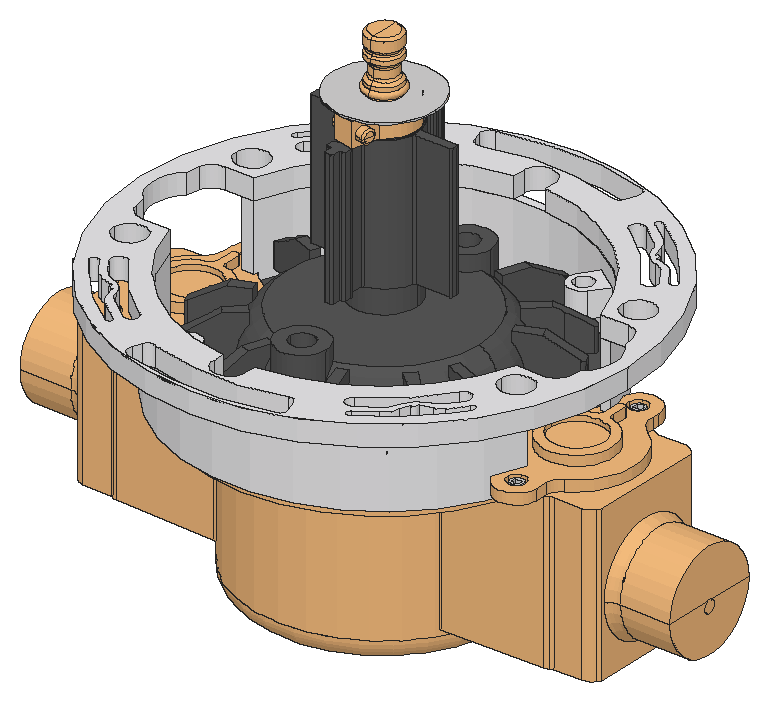
Revit family "Shower-Valves_and_Controls-KALLISTA-P29306_1", category Plumbing Fixtures, host Face, Revit 2022 (continued)
Definition of nested family "P29306"
  Forms (in)
    Extrusion 53, solid, detail levels coarse
      sketch origin (-0.01194, -0.00334, 0.053) x (1, 0, 0) y (0, 1, 0)
        loop
          arc (-1.27502, 1.53392) -> (-1.03638, 1.49155) -> (-0.98094, 1.72749) r 0.1763
          line (-0.98094, 1.72749) -> (-1.10995, 1.94915)
          arc (-1.10995, 1.94915) -> (-1.27002, 1.84661) -> (-1.42076, 1.7308) r 2.22796
        loop
          arc (1.42076, 1.7308) -> (1.27002, 1.84661) -> (1.10995, 1.94915) r 2.22796
          line (1.10995, 1.94915) -> (0.98094, 1.72749)
          arc (0.98094, 1.72749) -> (1.03638, 1.49155) -> (1.27502, 1.53392) r 0.1763
          line (1.27502, 1.53392) -> (1.42076, 1.7308)
      from -0.49499 to -0.18746
  Cuts and joins
    Extrusion 4, Extrusion 5 cuts Extrusion 1
    Extrusion 21, Extrusion 22 cuts Extrusion 20
    Extrusion 22 cuts Revolve 7
    Extrusion 37 cuts Sweep 23
    Extrusion 37 cuts Extrusion 24
    joined: Sweep 23, Extrusion 24
    Sweep 26, Extrusion 37 cuts Extrusion 25
    Extrusion 28, Extrusion 37 cuts Extrusion 27
    Extrusion 30 cuts Extrusion 29
    Extrusion 35, Extrusion 36 cuts Extrusion 14
    Extrusion 36 cuts Extrusion 11
    Extrusion 5, Extrusion 37 cuts Extrusion 6
    Extrusion 37 cuts Revolve 32
    Extrusion 36, Extrusion 38, Extrusion 41 cuts Extrusion 10
    Extrusion 40, Extrusion 41, Extrusion 43 cuts Extrusion 39
    Extrusion 41 cuts Extrusion 8
    Extrusion 41 cuts Extrusion 13
    Extrusion 43 cuts Extrusion 42
    Extrusion 5 cuts Extrusion 49
  Lines and regions (in)
    Masking region 1
      outline origin (0, 0, 0.053) x (1, 0, 0) y (0, 1, 0)
        loop
          arc (-2.89068, -0.80578) -> (0, -3.00089) -> (2.89068, -0.80578) r 3.00089
          line (2.89068, -0.80578) -> (3.03771, -0.80578)
          arc (3.03771, -0.80578) -> (3.12951, -0.78306) -> (3.20013, -0.72016) r 0.19685
          arc (3.20013, -0.72016) -> (3.27955, -0.6494) -> (3.3828, -0.62386) r 0.2214
          line (3.3828, -0.62386) -> (4, -0.62386) -> (4, 0.62386) -> (3.3828, 0.62386)
          arc (3.3828, 0.62386) -> (3.27955, 0.6494) -> (3.20013, 0.72016) r 0.2214
          arc (3.20013, 0.72016) -> (3.12951, 0.78306) -> (3.03771, 0.80578) r 0.19685
          line (3.03771, 0.80578) -> (2.89068, 0.80578)
          arc (2.89068, 0.80578) -> (0, 3.00089) -> (-2.89068, 0.80578) r 3.00089
          line (-2.89068, 0.80578) -> (-3.03771, 0.80578)
          arc (-3.03771, 0.80578) -> (-3.12951, 0.78306) -> (-3.20013, 0.72016) r 0.19685
          arc (-3.20013, 0.72016) -> (-3.27955, 0.6494) -> (-3.3828, 0.62386) r 0.2214
          line (-3.3828, 0.62386) -> (-4, 0.62386) -> (-4, -0.62386) -> (-3.3828, -0.62386)
          arc (-3.3828, -0.62386) -> (-3.27955, -0.6494) -> (-3.20013, -0.72016) r 0.2214
          arc (-3.20013, -0.72016) -> (-3.12951, -0.78306) -> (-3.03771, -0.80578) r 0.19685
          line (-3.03771, -0.80578) -> (-2.89068, -0.80578)
        loop
          arc (-2.19863, 1.49724) -> (-2.17669, 1.35773) -> (-2.03798, 1.38422) r 0.09826
          arc (-2.03798, 1.38422) -> (-1.7131, 1.78588) -> (-1.31508, 2.11521) r 2.59455
          arc (-1.31508, 2.11521) -> (-1.29246, 2.23345) -> (-1.41091, 2.25492) r 0.08471
          line (-1.41091, 2.25492) -> (-1.65289, 2.08549)
          arc (-1.65289, 2.08549) -> (-1.70835, 2.02963) -> (-1.74088, 1.95796) r 0.22229
          arc (-1.74088, 1.95796) -> (-1.81406, 1.82631) -> (-1.94288, 1.74827) r 0.29363
          arc (-1.94288, 1.74827) -> (-2.02018, 1.71138) -> (-2.08197, 1.65206) r 0.26894
          line (-2.08197, 1.65206) -> (-2.19863, 1.49724)
        loop
          arc (-1.50623, 2.41596) -> (-1.89026, 2.13592) -> (-2.21269, 1.78673) r 2.43918
          arc (-2.21269, 1.78673) -> (-2.28578, 1.69237) -> (-2.36093, 1.59964) r 5.40552
          arc (-2.36093, 1.59964) -> (-2.35306, 1.52437) -> (-2.27798, 1.53388) r 0.05294
          line (-2.27798, 1.53388) -> (-2.13619, 1.721)
          arc (-2.13619, 1.721) -> (-2.09472, 1.76139) -> (-2.04316, 1.78773) r 0.19371
          arc (-2.04316, 1.78773) -> (-1.96719, 1.81195) -> (-1.89058, 1.83407) r 2.90109
          arc (-1.89058, 1.83407) -> (-1.87963, 1.88332) -> (-1.83038, 1.89427) r 0.04699
          arc (-1.83038, 1.89427) -> (-1.80845, 1.95427) -> (-1.79277, 2.0162) r 0.62433
          arc (-1.79277, 2.0162) -> (-1.75554, 2.10739) -> (-1.68703, 2.17817) r 0.25975
          line (-1.68703, 2.17817) -> (-1.45691, 2.3393)
          arc (-1.45691, 2.3393) -> (-1.44472, 2.40134) -> (-1.50623, 2.41596) r 0.04561
        loop
          line (2.19863, 1.49724) -> (2.08197, 1.65206)
          arc (2.08197, 1.65206) -> (2.02018, 1.71138) -> (1.94288, 1.74827) r 0.26894
          arc (1.94288, 1.74827) -> (1.81406, 1.82631) -> (1.74088, 1.95796) r 0.29363
          arc (1.74088, 1.95796) -> (1.70835, 2.02963) -> (1.65289, 2.08549) r 0.22229
          line (1.65289, 2.08549) -> (1.41091, 2.25492)
          arc (1.41091, 2.25492) -> (1.29246, 2.23345) -> (1.31508, 2.11521) r 0.08471
          arc (1.31508, 2.11521) -> (1.7131, 1.78588) -> (2.03798, 1.38422) r 2.59455
          arc (2.03798, 1.38422) -> (2.17669, 1.35773) -> (2.19863, 1.49724) r 0.09826
        loop
          arc (1.50623, 2.41596) -> (1.44472, 2.40134) -> (1.45691, 2.3393) r 0.04561
          line (1.45691, 2.3393) -> (1.68703, 2.17817)
          arc (1.68703, 2.17817) -> (1.75554, 2.10739) -> (1.79277, 2.0162) r 0.25975
          arc (1.79277, 2.0162) -> (1.80845, 1.95427) -> (1.83038, 1.89427) r 0.62433
          arc (1.83038, 1.89427) -> (1.87963, 1.88332) -> (1.89058, 1.83407) r 0.04699
          arc (1.89058, 1.83407) -> (1.96719, 1.81195) -> (2.04316, 1.78773) r 2.90109
          arc (2.04316, 1.78773) -> (2.09472, 1.76139) -> (2.13619, 1.721) r 0.19371
          line (2.13619, 1.721) -> (2.27798, 1.53388)
          arc (2.27798, 1.53388) -> (2.35306, 1.52437) -> (2.36093, 1.59964) r 0.05294
          arc (2.36093, 1.59964) -> (2.28578, 1.69237) -> (2.21269, 1.78673) r 5.40552
          arc (2.21269, 1.78673) -> (1.89026, 2.13592) -> (1.50623, 2.41596) r 2.43918
        loop
          line (-2.19863, -1.49724) -> (-2.08197, -1.65206)
          arc (-2.08197, -1.65206) -> (-2.02018, -1.71138) -> (-1.94288, -1.74827) r 0.26894
          arc (-1.94288, -1.74827) -> (-1.81406, -1.82631) -> (-1.74088, -1.95796) r 0.29363
          arc (-1.74088, -1.95796) -> (-1.70835, -2.02963) -> (-1.65289, -2.08549) r 0.22229
          line (-1.65289, -2.08549) -> (-1.41091, -2.25492)
          arc (-1.41091, -2.25492) -> (-1.29246, -2.23345) -> (-1.31508, -2.11521) r 0.08471
          arc (-1.31508, -2.11521) -> (-1.7131, -1.78588) -> (-2.03798, -1.38422) r 2.59455
          arc (-2.03798, -1.38422) -> (-2.17669, -1.35773) -> (-2.19863, -1.49724) r 0.09826
        loop
          arc (-1.50623, -2.41596) -> (-1.44472, -2.40134) -> (-1.45691, -2.3393) r 0.04561
          line (-1.45691, -2.3393) -> (-1.68703, -2.17817)
          arc (-1.68703, -2.17817) -> (-1.75554, -2.10739) -> (-1.79277, -2.0162) r 0.25975
          arc (-1.79277, -2.0162) -> (-1.80845, -1.95427) -> (-1.83038, -1.89427) r 0.62433
          arc (-1.83038, -1.89427) -> (-1.87963, -1.88332) -> (-1.89058, -1.83407) r 0.04699
          arc (-1.89058, -1.83407) -> (-1.96719, -1.81195) -> (-2.04316, -1.78773) r 2.90109
          arc (-2.04316, -1.78773) -> (-2.09472, -1.76139) -> (-2.13619, -1.721) r 0.19371
          line (-2.13619, -1.721) -> (-2.27798, -1.53388)
          arc (-2.27798, -1.53388) -> (-2.35306, -1.52437) -> (-2.36093, -1.59964) r 0.05294
          arc (-2.36093, -1.59964) -> (-2.28578, -1.69237) -> (-2.21269, -1.78673) r 5.40552
          arc (-2.21269, -1.78673) -> (-1.89026, -2.13592) -> (-1.50623, -2.41596) r 2.43918
        loop
          arc (2.19863, -1.49724) -> (2.17669, -1.35773) -> (2.03798, -1.38422) r 0.09826
          arc (2.03798, -1.38422) -> (1.7131, -1.78588) -> (1.31508, -2.11521) r 2.59455
          arc (1.31508, -2.11521) -> (1.29246, -2.23345) -> (1.41091, -2.25492) r 0.08471
          line (1.41091, -2.25492) -> (1.65289, -2.08549)
          arc (1.65289, -2.08549) -> (1.70835, -2.02963) -> (1.74088, -1.95796) r 0.22229
          arc (1.74088, -1.95796) -> (1.81406, -1.82631) -> (1.94288, -1.74827) r 0.29363
          arc (1.94288, -1.74827) -> (2.02018, -1.71138) -> (2.08197, -1.65206) r 0.26894
          line (2.08197, -1.65206) -> (2.19863, -1.49724)
        loop
          arc (1.50623, -2.41596) -> (1.89026, -2.13592) -> (2.21269, -1.78673) r 2.43918
          arc (2.21269, -1.78673) -> (2.28578, -1.69237) -> (2.36093, -1.59964) r 5.40552
          arc (2.36093, -1.59964) -> (2.35306, -1.52437) -> (2.27798, -1.53388) r 0.05294
          line (2.27798, -1.53388) -> (2.13619, -1.721)
          arc (2.13619, -1.721) -> (2.09472, -1.76139) -> (2.04316, -1.78773) r 0.19371
          arc (2.04316, -1.78773) -> (1.96719, -1.81195) -> (1.89058, -1.83407) r 2.90109
          arc (1.89058, -1.83407) -> (1.87963, -1.88332) -> (1.83038, -1.89427) r 0.04699
          arc (1.83038, -1.89427) -> (1.80845, -1.95427) -> (1.79277, -2.0162) r 0.62433
          arc (1.79277, -2.0162) -> (1.75554, -2.10739) -> (1.68703, -2.17817) r 0.25975
          line (1.68703, -2.17817) -> (1.45691, -2.3393)
          arc (1.45691, -2.3393) -> (1.44472, -2.40134) -> (1.50623, -2.41596) r 0.04561
        loop
          arc (-0.81385, 2.49894) -> (0.00175, 2.62035) -> (0.81658, 2.49393) r 2.74339
          arc (0.81658, 2.49393) -> (0.87974, 2.49879) -> (0.92201, 2.54596) r 0.08504
          line (0.92201, 2.54596) -> (0.97601, 2.69431)
          arc (0.97601, 2.69431) -> (0.97166, 2.76779) -> (0.91514, 2.81495) r 0.09272
          arc (0.91514, 2.81495) -> (0.0094, 2.94821) -> (-0.89763, 2.8239) r 3.25399
          arc (-0.89763, 2.8239) -> (-0.9697, 2.76466) -> (-0.97544, 2.67154) r 0.11686
          line (-0.97544, 2.67154) -> (-0.93446, 2.55892)
          arc (-0.93446, 2.55892) -> (-0.88613, 2.50484) -> (-0.81385, 2.49894) r 0.09774
        loop
          arc (-0.81385, -2.49894) -> (-0.88613, -2.50484) -> (-0.93446, -2.55892) r 0.09774
          line (-0.93446, -2.55892) -> (-0.97544, -2.67154)
          arc (-0.97544, -2.67154) -> (-0.9697, -2.76466) -> (-0.89763, -2.8239) r 0.11686
          arc (-0.89763, -2.8239) -> (0.0094, -2.94821) -> (0.91514, -2.81495) r 3.25399
          arc (0.91514, -2.81495) -> (0.97166, -2.76779) -> (0.97601, -2.69431) r 0.09272
          line (0.97601, -2.69431) -> (0.92201, -2.54596)
          arc (0.92201, -2.54596) -> (0.87974, -2.49879) -> (0.81658, -2.49393) r 0.08504
          arc (0.81658, -2.49393) -> (0.00175, -2.62035) -> (-0.81385, -2.49894) r 2.74339
        loop
          circle (-1.10195, 2.3625) r 0.10311
        loop
          circle (1.10195, 2.3625) r 0.10311
        loop
          circle (1.10195, -2.3625) r 0.10311
        loop
          circle (-1.10195, -2.3625) r 0.10311
        loop
          circle (-2.37877, 0.93873) r 0.19685
        loop
          circle (2.37877, 0.93873) r 0.19685
        loop
          circle (-2.37877, -0.93873) r 0.19685
        loop
          circle (2.38364, -0.94392) r 0.11172
    Masking region 2
      outline origin (0, 0, 0.02461) x (1, 0, 0) y (0, 0, 1)
        loop
          line (-3, 0.0284) -> (3, 0.0284) -> (3, 0.28642) -> (0.87128, 0.28642) -> (0.86185, 0.82669)
          arc (0.86185, 0.82669) -> (0.85477, 0.84317) -> (0.83816, 0.84997) r 0.02369
          line (0.83816, 0.84997) -> (0.76674, 0.84997)
          arc (0.76674, 0.84997) -> (0.75044, 0.85672) -> (0.74368, 0.87303) r 0.02306
          line (0.74368, 0.87303) -> (0.74368, 1.6356)
          arc (0.74368, 1.6356) -> (0.73684, 1.65212) -> (0.72031, 1.65897) r 0.02337
          line (0.72031, 1.65897) -> (0.67844, 1.65897)
          arc (0.67844, 1.65897) -> (0.65838, 1.66728) -> (0.65007, 1.68734) r 0.02837
          line (0.65007, 1.68734) -> (0.65007, 1.93107)
          arc (0.65007, 1.93107) -> (0.64219, 1.95009) -> (0.62317, 1.95797) r 0.0269
          line (0.62317, 1.95797) -> (0.29879, 1.95797) -> (0.29879, 1.99268) -> (0.37445, 1.99268) -> (0.37445, 2.24471) -> (0.20364, 2.24471) -> (0.20364, 2.27581) -> (0.62584, 2.27581) -> (0.62584, 2.30683) -> (0.20364, 2.30683)
          arc (0.20364, 2.30683) -> (0.18392, 2.31031) -> (0.16659, 2.32032) r 0.05764
          line (0.16659, 2.32032) -> (0.20583, 2.32032)
          arc (0.20583, 2.32032) -> (0.2411, 2.35558) -> (0.20583, 2.39085) r 0.03527
          line (0.20583, 2.39085) -> (0.1732, 2.39085)
          arc (0.1732, 2.39085) -> (0.18757, 2.39967) -> (0.2044, 2.40064) r 0.03452
          line (0.2044, 2.40064) -> (0.2044, 2.44129) -> (0.1691, 2.47681)
          arc (0.1691, 2.47681) -> (0.15841, 2.49287) -> (0.15466, 2.5118) r 0.04964
          line (0.15466, 2.5118) -> (0.15466, 2.6139)
          arc (0.15466, 2.6139) -> (0.15811, 2.63123) -> (0.16793, 2.64593) r 0.0453
          line (0.16793, 2.64593) -> (0.20444, 2.68244) -> (0.20444, 2.73645) -> (0.18385, 2.76586)
          arc (0.18385, 2.76586) -> (0.17795, 2.78011) -> (0.18385, 2.79436) r 0.02015
          line (0.18385, 2.79436) -> (0.20444, 2.82377) -> (0.20444, 2.94682) -> (0.16845, 2.98281) -> (0.02194, 2.98281) -> (-0.16845, 2.98281) -> (-0.20444, 2.94682) -> (-0.20444, 2.82377) -> (-0.18385, 2.79436)
          arc (-0.18385, 2.79436) -> (-0.17795, 2.78011) -> (-0.18385, 2.76586) r 0.02015
          line (-0.18385, 2.76586) -> (-0.20444, 2.73645) -> (-0.20444, 2.68244) -> (-0.16793, 2.64593)
          arc (-0.16793, 2.64593) -> (-0.15811, 2.63123) -> (-0.15466, 2.6139) r 0.0453
          line (-0.15466, 2.6139) -> (-0.15466, 2.5118)
          arc (-0.15466, 2.5118) -> (-0.15841, 2.49287) -> (-0.1691, 2.47681) r 0.04964
          line (-0.1691, 2.47681) -> (-0.2044, 2.44129) -> (-0.2044, 2.40064)
          arc (-0.2044, 2.40064) -> (-0.18757, 2.39967) -> (-0.1732, 2.39085) r 0.03452
          line (-0.1732, 2.39085) -> (-0.20583, 2.39085)
          arc (-0.20583, 2.39085) -> (-0.2411, 2.35558) -> (-0.20583, 2.32032) r 0.03527
          line (-0.20583, 2.32032) -> (-0.16659, 2.32032)
          arc (-0.16659, 2.32032) -> (-0.18392, 2.31031) -> (-0.20364, 2.30683) r 0.05764
          line (-0.20364, 2.30683) -> (-0.62584, 2.30683) -> (-0.62584, 2.27581) -> (-0.20364, 2.27581) -> (-0.20364, 2.24471) -> (-0.37445, 2.24471) -> (-0.37445, 1.99268) -> (-0.29879, 1.99268) -> (-0.29879, 1.95797) -> (-0.62317, 1.95797)
          arc (-0.62317, 1.95797) -> (-0.64219, 1.95009) -> (-0.65007, 1.93107) r 0.0269
          line (-0.65007, 1.93107) -> (-0.65007, 1.68734)
          arc (-0.65007, 1.68734) -> (-0.65838, 1.66728) -> (-0.67844, 1.65897) r 0.02837
          line (-0.67844, 1.65897) -> (-0.72031, 1.65897)
          arc (-0.72031, 1.65897) -> (-0.73684, 1.65212) -> (-0.74368, 1.6356) r 0.02337
          line (-0.74368, 1.6356) -> (-0.74368, 0.87303)
          arc (-0.74368, 0.87303) -> (-0.75044, 0.85672) -> (-0.76674, 0.84997) r 0.02306
          line (-0.76674, 0.84997) -> (-0.83816, 0.84997)
          arc (-0.83816, 0.84997) -> (-0.85477, 0.84317) -> (-0.86185, 0.82669) r 0.02369
          line (-0.86185, 0.82669) -> (-0.87128, 0.28642) -> (-3, 0.28642) -> (-3, 0.0284)
    Masking region 3
      outline origin (0, 0, 0) x (0, 1, 0) y (0, 0, 1)
        loop
          line (3, 0.053) -> (3, 0.31102) -> (0.87092, 0.31102) -> (0.86185, 0.83048)
          arc (0.86185, 0.83048) -> (0.85477, 0.84696) -> (0.83816, 0.85376) r 0.02369
          line (0.83816, 0.85376) -> (0.76674, 0.85376)
          arc (0.76674, 0.85376) -> (0.75044, 0.86051) -> (0.74368, 0.87682) r 0.02306
          line (0.74368, 0.87682) -> (0.74368, 1.63939)
          arc (0.74368, 1.63939) -> (0.73684, 1.65591) -> (0.72031, 1.66276) r 0.02337
          line (0.72031, 1.66276) -> (0.67844, 1.66276)
          arc (0.67844, 1.66276) -> (0.65838, 1.67107) -> (0.65007, 1.69113) r 0.02837
          line (0.65007, 1.69113) -> (0.65007, 1.93486)
          arc (0.65007, 1.93486) -> (0.64439, 1.9514) -> (0.62975, 1.96095) r 0.0269
          arc (0.62975, 1.96095) -> (0.61583, 1.97003) -> (0.61043, 1.98575) r 0.02559
          line (0.61043, 1.98575) -> (0.61043, 2.24832)
          arc (0.61043, 2.24832) -> (0.60317, 2.26585) -> (0.58564, 2.27311) r 0.02478
          line (0.58564, 2.27311) -> (0.20364, 2.27311) -> (0.20364, 2.30421) -> (0.62584, 2.30421) -> (0.62584, 2.33523) -> (0.20364, 2.33523)
          arc (0.20364, 2.33523) -> (0.18392, 2.33871) -> (0.16659, 2.34872) r 0.05764
          line (0.16659, 2.34872) -> (0.20583, 2.34872)
          arc (0.20583, 2.34872) -> (0.2411, 2.38398) -> (0.20583, 2.41925) r 0.03527
          line (0.20583, 2.41925) -> (0.1732, 2.41925)
          arc (0.1732, 2.41925) -> (0.18757, 2.42807) -> (0.2044, 2.42904) r 0.03452
          line (0.2044, 2.42904) -> (0.2044, 2.46968) -> (0.1691, 2.5052)
          arc (0.1691, 2.5052) -> (0.15841, 2.52127) -> (0.15466, 2.5402) r 0.04964
          line (0.15466, 2.5402) -> (0.15466, 2.6423)
          arc (0.15466, 2.6423) -> (0.15811, 2.65963) -> (0.16793, 2.67433) r 0.0453
          line (0.16793, 2.67433) -> (0.20444, 2.71084) -> (0.20444, 2.76485) -> (0.18385, 2.79426)
          arc (0.18385, 2.79426) -> (0.17795, 2.80851) -> (0.18385, 2.82276) r 0.02015
          line (0.18385, 2.82276) -> (0.20444, 2.85216) -> (0.20444, 2.97521) -> (0.17224, 3.00741) -> (-0.02194, 3.00741) -> (-0.17224, 3.00741) -> (-0.20444, 2.97521) -> (-0.20444, 2.85216) -> (-0.18385, 2.82276)
          arc (-0.18385, 2.82276) -> (-0.17795, 2.80851) -> (-0.18385, 2.79426) r 0.02015
          line (-0.18385, 2.79426) -> (-0.20444, 2.76485) -> (-0.20444, 2.71084) -> (-0.16793, 2.67433)
          arc (-0.16793, 2.67433) -> (-0.15811, 2.65963) -> (-0.15466, 2.6423) r 0.0453
          line (-0.15466, 2.6423) -> (-0.15466, 2.5402)
          arc (-0.15466, 2.5402) -> (-0.15841, 2.52127) -> (-0.1691, 2.5052) r 0.04964
          line (-0.1691, 2.5052) -> (-0.2044, 2.46968) -> (-0.2044, 2.42904)
          arc (-0.2044, 2.42904) -> (-0.18757, 2.42807) -> (-0.1732, 2.41925) r 0.03452
          line (-0.1732, 2.41925) -> (-0.20583, 2.41925)
          arc (-0.20583, 2.41925) -> (-0.2411, 2.38398) -> (-0.20583, 2.34872) r 0.03527
          line (-0.20583, 2.34872) -> (-0.16659, 2.34872)
          arc (-0.16659, 2.34872) -> (-0.18392, 2.33871) -> (-0.20364, 2.33523) r 0.05764
          line (-0.20364, 2.33523) -> (-0.62584, 2.33523) -> (-0.62584, 2.30421) -> (-0.20364, 2.30421) -> (-0.20364, 2.27311) -> (-0.65007, 2.27311) -> (-0.65007, 1.99647) -> (-0.29879, 1.99647) -> (-0.29879, 1.96176) -> (-0.62317, 1.96176)
          arc (-0.62317, 1.96176) -> (-0.64219, 1.95389) -> (-0.65007, 1.93486) r 0.0269
          line (-0.65007, 1.93486) -> (-0.65007, 1.69113)
          arc (-0.65007, 1.69113) -> (-0.65838, 1.67107) -> (-0.67844, 1.66276) r 0.02837
          line (-0.67844, 1.66276) -> (-0.72031, 1.66276)
          arc (-0.72031, 1.66276) -> (-0.73684, 1.65591) -> (-0.74368, 1.63939) r 0.02337
          line (-0.74368, 1.63939) -> (-0.74368, 0.87682)
          arc (-0.74368, 0.87682) -> (-0.75044, 0.86051) -> (-0.76674, 0.85376) r 0.02306
          line (-0.76674, 0.85376) -> (-0.83816, 0.85376)
          arc (-0.83816, 0.85376) -> (-0.85477, 0.84696) -> (-0.86185, 0.83048) r 0.02369
          line (-0.86185, 0.83048) -> (-0.87092, 0.31102) -> (-3, 0.31102) -> (-3, 0.053) -> (-2.34097, 0.053) -> (-2.31397, -0.89212) -> (-2.19992, -0.89212) -> (-2.19992, -1.06637) -> (-1.72452, -1.09128)
          arc (-1.72452, -1.09128) -> (-1.64843, -1.12636) -> (-1.61739, -1.20418) r 0.11305
          line (-1.61739, -1.20418) -> (-1.61739, -2.91646)
          arc (-1.61739, -2.91646) -> (-1.54055, -3.10196) -> (-1.35505, -3.1788) r 0.26234
          line (-1.35505, -3.1788) -> (1.45984, -3.1788)
          arc (1.45984, -3.1788) -> (1.55536, -3.08889) -> (1.6824, -3.05621) r 0.26332
          line (1.6824, -3.05621) -> (1.9312, -3.05621)
          arc (1.9312, -3.05621) -> (1.99672, -3.04991) -> (2.05985, -3.03124) r 0.34379
          line (2.05985, -3.03124) -> (2.05985, -2.19694) -> (2.20363, -1.57414) -> (2.20363, -0.88606) -> (2.31414, -0.88606) -> (2.34097, 0.053) -> (3, 0.053)
    symbolic lines, detail levels medium+fine
      curve 1: line (-0.19697, 2.24183, 0.053) -> (-0.19697, 2.38515, 0.053)
      curve 2: line (0.19673, 2.24376, 0.053) -> (0.19673, 2.38515, 0.053)
      curve 3: arc (-0.19697, 2.38515, 0.053) -> (-0.00012, 2.582, 0.053) -> (0.19673, 2.38515, 0.053) r 0.19685
      curve 4: line (-0.19697, -2.24183, 0.053) -> (-0.19697, -2.38515, 0.053)
      curve 5: line (0.19673, -2.24376, 0.053) -> (0.19673, -2.38515, 0.053)
      curve 6: arc (-0.19697, -2.38515, 0.053) -> (-0.00012, -2.582, 0.053) -> (0.19673, -2.38515, 0.053) r 0.19685
      curve 7: arc (-2.12864, -0.64555, 0.053) -> (0.01074, -2.25153, 0.053) -> (2.15012, -0.64555, 0.053) r 2.22796
      curve 8: arc (-2.12866, 0.64547, 0.053) -> (0.01074, 2.25153, 0.053) -> (2.15014, 0.64547, 0.053) r 2.22796
      curve 9: arc (-1.45018, 0.49377, 0.053) -> (-1.53194, 0, 0.053) -> (-1.45018, -0.49377, 0.053) r 1.53194
      curve 10: arc (-1.03313, 0.91181, 0.053) -> (-1.1731, 0.7229, 0.053) -> (-1.27892, 0.51295, 0.053) r 1.37795
      curve 11: circle (0, 0, 0.053) r 0.62285 normal (0, 0, 1)
      curve 12: circle (0, 0, 0.053) r 0.24152 normal (0, 0, 1)
      curve 13: circle (0, 0, 0.053) r 0.16472 normal (0, 0, 1)
      curve 14: circle (0, 0, 0.053) r 0.10932 normal (0, 0, 1)
      curve 15: circle (0, 0, 0.053) r 0.06948 normal (0, 0, 1)
      curve 16: line (0, 0.88874, 0.053) -> (-0.04363, 0.88874, 0.053)
      curve 17: line (-0.07493, 0.77977, 0.053) -> (-0.07493, 0.85744, 0.053)
      curve 18: line (-0.08604, 0.7672, 0.053) -> (-0.10898, 0.76436, 0.053)
      curve 19: line (-0.14036, 0.65548, 0.053) -> (-0.14036, 0.72885, 0.053)
      curve 20: arc (-0.14036, 0.72885, 0.053) -> (-0.13139, 0.75255, 0.053) -> (-0.10898, 0.76436, 0.053) r 0.03578
      curve 21: arc (-0.07493, 0.77977, 0.053) -> (-0.0781, 0.77138, 0.053) -> (-0.08604, 0.7672, 0.053) r 0.01267
      curve 22: arc (-0.07493, 0.85744, 0.053) -> (-0.06576, 0.87957, 0.053) -> (-0.04363, 0.88874, 0.053) r 0.0313
      curve 23: line (-0.14575, 0.64846, 0.053) -> (-0.17377, 0.64095, 0.053)
      curve 24: line (-0.19524, 0.59146, 0.053) -> (-0.19749, 0.59987, 0.053)
      curve 25: arc (-0.19749, 0.59987, 0.053) -> (-0.19414, 0.62532, 0.053) -> (-0.17377, 0.64095, 0.053) r 0.03354
      curve 26: arc (-0.14036, 0.65548, 0.053) -> (-0.14186, 0.65105, 0.053) -> (-0.14575, 0.64846, 0.053) r 0.00727
      curve 27: line (0, 0.88874, 0.053) -> (0.04363, 0.88874, 0.053)
      curve 28: line (0.07493, 0.78787, 0.053) -> (0.07493, 0.85744, 0.053)
      curve 29: line (0.14036, 0.67426, 0.053) -> (0.14036, 0.72885, 0.053)
      curve 30: arc (0.14036, 0.72885, 0.053) -> (0.12855, 0.75542, 0.053) -> (0.1009, 0.76444, 0.053) r 0.03578
      curve 31: arc (0.07493, 0.85744, 0.053) -> (0.06576, 0.87957, 0.053) -> (0.04363, 0.88874, 0.053) r 0.0313
      curve 32: line (0.19524, 0.59146, 0.053) -> (0.19749, 0.59987, 0.053)
      curve 33: arc (0.19749, 0.59987, 0.053) -> (0.19288, 0.62734, 0.053) -> (0.1691, 0.64185, 0.053) r 0.03354
      curve 34: arc (0.1009, 0.76444, 0.053) -> (0.0827, 0.77038, 0.053) -> (0.07493, 0.78787, 0.053) r 0.02355
      curve 35: arc (0.1691, 0.64185, 0.053) -> (0.14858, 0.6526, 0.053) -> (0.14036, 0.67426, 0.053) r 0.03264
      curve 36: line (0, -0.88874, 0.053) -> (-0.04363, -0.88874, 0.053)
      curve 37: line (-0.07493, -0.79144, 0.053) -> (-0.07493, -0.85744, 0.053)
      curve 38: line (-0.14036, -0.67603, 0.053) -> (-0.14036, -0.72885, 0.053)
      curve 39: arc (-0.14036, -0.72885, 0.053) -> (-0.12931, -0.75471, 0.053) -> (-0.10299, -0.7646, 0.053) r 0.03578
      curve 40: arc (-0.07493, -0.85744, 0.053) -> (-0.06576, -0.87957, 0.053) -> (-0.04363, -0.88874, 0.053) r 0.0313
      curve 41: line (-0.19524, -0.59146, 0.053) -> (-0.19749, -0.59987, 0.053)
      curve 42: arc (-0.19749, -0.59987, 0.053) -> (-0.19312, -0.62697, 0.053) -> (-0.16998, -0.64173, 0.053) r 0.03354
      curve 43: line (0, -0.88874, 0.053) -> (0.04363, -0.88874, 0.053)
      curve 44: line (0.07493, -0.78787, 0.053) -> (0.07493, -0.85744, 0.053)
      curve 45: line (0.14036, -0.67426, 0.053) -> (0.14036, -0.72885, 0.053)
      curve 46: arc (0.14036, -0.72885, 0.053) -> (0.12855, -0.75542, 0.053) -> (0.1009, -0.76444, 0.053) r 0.03578
      curve 47: arc (0.07493, -0.85744, 0.053) -> (0.06576, -0.87957, 0.053) -> (0.04363, -0.88874, 0.053) r 0.0313
      curve 48: line (0.19524, -0.59146, 0.053) -> (0.19749, -0.59987, 0.053)
      curve 49: arc (0.19749, -0.59987, 0.053) -> (0.19288, -0.62734, 0.053) -> (0.1691, -0.64185, 0.053) r 0.03354
      curve 50: arc (0.1009, -0.76444, 0.053) -> (0.0827, -0.77038, 0.053) -> (0.07493, -0.78787, 0.053) r 0.02355
      curve 51: arc (0.1691, -0.64185, 0.053) -> (0.14858, -0.6526, 0.053) -> (0.14036, -0.67426, 0.053) r 0.03264
      curve 52: arc (-0.16998, -0.64173, 0.053) -> (-0.14879, -0.65337, 0.053) -> (-0.14036, -0.67603, 0.053) r 0.03466
      curve 53: arc (-0.10299, -0.7646, 0.053) -> (-0.08322, -0.77202, 0.053) -> (-0.07493, -0.79144, 0.053) r 0.02687
      curve 54: line (0.61841, 0.07425, 0.053) -> (0.85808, 0.07425, 0.053)
      curve 55: line (0.61833, -0.07493, 0.053) -> (0.85614, -0.07493, 0.053)
      curve 56: line (0.88751, 0.04481, 0.053) -> (0.88751, -0.04356, 0.053)
      curve 57: arc (0.85808, 0.07425, 0.053) -> (0.87889, 0.06563, 0.053) -> (0.88751, 0.04481, 0.053) r 0.02943
      curve 58: arc (0.85614, -0.07493, 0.053) -> (0.87833, -0.06574, 0.053) -> (0.88751, -0.04356, 0.053) r 0.03137
      curve 59: line (0.62209, 0.03081, 0.053) -> (0.72296, 0.03081, 0.053)
      curve 60: line (0.6221, -0.03064, 0.053) -> (0.72381, -0.03064, 0.053)
      curve 61: line (0.74276, 0.01102, 0.053) -> (0.74276, -0.0117, 0.053)
      curve 62: arc (0.72296, 0.03081, 0.053) -> (0.73696, 0.02501, 0.053) -> (0.74276, 0.01102, 0.053) r 0.01979
      curve 63: arc (0.74276, -0.0117, 0.053) -> (0.73721, -0.02509, 0.053) -> (0.72381, -0.03064, 0.053) r 0.01894
      curve 64: line (0.73316, 0.04553, 0.053) -> (0.83638, 0.04553, 0.053)
      curve 65: line (0.73316, -0.0435, 0.053) -> (0.84233, -0.0435, 0.053)
      curve 66: line (0.85961, -0.02622, 0.053) -> (0.85961, 0.02231, 0.053)
      curve 67: line (0.75092, 0.02635, 0.053) -> (0.75092, -0.02408, 0.053)
      curve 68: arc (0.73316, 0.04553, 0.053) -> (0.7458, 0.03942, 0.053) -> (0.75092, 0.02635, 0.053) r 0.01924
      curve 69: arc (0.75092, -0.02408, 0.053) -> (0.74581, -0.03724, 0.053) -> (0.73316, -0.0435, 0.053) r 0.01949
      curve 70: arc (0.84233, -0.0435, 0.053) -> (0.85455, -0.03844, 0.053) -> (0.85961, -0.02622, 0.053) r 0.01728
      curve 71: arc (0.83638, 0.04553, 0.053) -> (0.85281, 0.03873, 0.053) -> (0.85961, 0.02231, 0.053) r 0.02323
      curve 72: line (0.62231, 0.02602, 0.053) -> (0.65615, 0.02602, 0.053)
      curve 73: line (0.62232, -0.02579, 0.053) -> (0.6536, -0.02579, 0.053)
      curve 74: line (0.66513, 0.01705, 0.053) -> (0.66513, -0.01426, 0.053)
      curve 75: arc (0.65615, 0.02602, 0.053) -> (0.6625, 0.02339, 0.053) -> (0.66513, 0.01705, 0.053) r 0.00898
      curve 76: arc (0.66513, -0.01426, 0.053) -> (0.66175, -0.02241, 0.053) -> (0.6536, -0.02579, 0.053) r 0.01153
      curve 77: line (0.73316, -0.0435, 0.053) -> (0.62133, -0.0435, 0.053)
      curve 78: line (0.73316, 0.04553, 0.053) -> (0.62118, 0.04553, 0.053)
      curve 79: line (-0.61841, 0.07425, 0.053) -> (-0.85808, 0.07425, 0.053)
      curve 80: line (-0.61833, -0.07493, 0.053) -> (-0.85614, -0.07493, 0.053)
      curve 81: line (-0.88751, 0.04481, 0.053) -> (-0.88751, -0.04356, 0.053)
      curve 82: arc (-0.85808, 0.07425, 0.053) -> (-0.87889, 0.06563, 0.053) -> (-0.88751, 0.04481, 0.053) r 0.02943
      curve 83: arc (-0.85614, -0.07493, 0.053) -> (-0.87833, -0.06574, 0.053) -> (-0.88751, -0.04356, 0.053) r 0.03137
      curve 84: line (-0.62209, 0.03081, 0.053) -> (-0.73062, 0.03081, 0.053)
      curve 85: line (-0.6221, -0.03064, 0.053) -> (-0.73532, -0.03064, 0.053)
      curve 86: line (-0.73316, 0.04553, 0.053) -> (-0.83638, 0.04553, 0.053)
      curve 87: line (-0.73316, -0.0435, 0.053) -> (-0.84242, -0.0435, 0.053)
      curve 88: line (-0.85961, -0.02631, 0.053) -> (-0.85961, 0.02231, 0.053)
      curve 89: line (-0.75092, 0.01051, 0.053) -> (-0.75092, -0.01504, 0.053)
      curve 90: arc (-0.83638, 0.04553, 0.053) -> (-0.85281, 0.03873, 0.053) -> (-0.85961, 0.02231, 0.053) r 0.02323
      curve 91: line (-0.62231, 0.02602, 0.053) -> (-0.6508, 0.02602, 0.053)
      curve 92: line (-0.62232, -0.02579, 0.053) -> (-0.65785, -0.02579, 0.053)
      curve 93: line (-0.66513, 0.01169, 0.053) -> (-0.66513, -0.01851, 0.053)
      curve 94: line (-0.73316, -0.0435, 0.053) -> (-0.62133, -0.0435, 0.053)
      curve 95: line (-0.73316, 0.04553, 0.053) -> (-0.62118, 0.04553, 0.053)
      curve 96: arc (-0.84242, -0.0435, 0.053) -> (-0.85458, -0.03847, 0.053) -> (-0.85961, -0.02631, 0.053) r 0.01719
      curve 97: arc (-0.66513, -0.01851, 0.053) -> (-0.663, -0.02366, 0.053) -> (-0.65785, -0.02579, 0.053) r 0.00728
      curve 98: arc (-0.6508, 0.02602, 0.053) -> (-0.66093, 0.02183, 0.053) -> (-0.66513, 0.01169, 0.053) r 0.01433
      curve 99: arc (-0.73062, 0.03081, 0.053) -> (-0.74498, 0.02486, 0.053) -> (-0.75092, 0.01051, 0.053) r 0.0203
      curve 100: arc (-0.75092, -0.01504, 0.053) -> (-0.74635, -0.02607, 0.053) -> (-0.73532, -0.03064, 0.053) r 0.0156
      curve 101: line (-1.73015, 1.41393, 0.053) -> (-1.19195, 0.96233, 0.053)
      curve 102: line (-1.63272, 1.52785, 0.053) -> (-1.11858, 1.04672, 0.053)
      curve 103: line (-2.04618, 0.87966, 0.053) -> (-1.40418, 0.61246, 0.053)
      curve 104: line (-2.09805, 0.74247, 0.053) -> (-1.45018, 0.49377, 0.053)
      curve 105: line (-0.85784, 2.07525, 0.053) -> (-0.60198, 1.40871, 0.053)
      curve 106: line (-0.67158, 2.14448, 0.053) -> (-0.43858, 1.46782, 0.053)
      curve 107: line (-1.4033, 1.74528, 0.053) -> (-1.26509, 1.54789, 0.053)
      curve 108: line (-1.12709, 1.93908, 0.053) -> (-0.99741, 1.72076, 0.053)
      curve 109: arc (-1.26509, 1.54789, 0.053) -> (-1.04798, 1.5054, 0.053) -> (-0.99741, 1.72076, 0.053) r 0.15944
      curve 110: circle (-1.13727, 1.64857, 0.053) r 0.09703 normal (0, 0, 1)
      curve 111: circle (-1.13648, 1.64964, 0.053) r 0.07944 normal (0, 0, 1)
      curve 112: line (-1.46983, 1.68842, 0.053) -> (-1.33332, 1.49346, 0.053)
      curve 113: line (-1.05441, 1.98042, 0.053) -> (-0.93946, 1.76924, 0.053)
      curve 114: arc (-1.33332, 1.49346, 0.053) -> (-0.9985, 1.43442, 0.053) -> (-0.93946, 1.76924, 0.053) r 0.24041
      curve 115: line (1.4111, 1.75642, 0.053) -> (1.26509, 1.54789, 0.053)
      curve 116: line (1.13265, 1.94844, 0.053) -> (0.99741, 1.72076, 0.053)
      curve 117: arc (1.26509, 1.54789, 0.053) -> (1.04798, 1.5054, 0.053) -> (0.99741, 1.72076, 0.053) r 0.15944
      curve 118: circle (1.13727, 1.64857, 0.053) r 0.09703 normal (0, 0, -1)
      curve 119: circle (1.13648, 1.64964, 0.053) r 0.07944 normal (0, 0, -1)
      curve 120: line (1.47803, 1.70013, 0.053) -> (1.33332, 1.49346, 0.053)
      curve 121: line (1.05928, 1.98937, 0.053) -> (0.93946, 1.76924, 0.053)
      curve 122: arc (1.33332, 1.49346, 0.053) -> (0.9985, 1.43442, 0.053) -> (0.93946, 1.76924, 0.053) r 0.24041
      curve 123: line (-1.4033, -1.74528, 0.053) -> (-1.26509, -1.54789, 0.053)
      curve 124: line (-1.12709, -1.93908, 0.053) -> (-0.99741, -1.72076, 0.053)
      curve 125: arc (-1.26509, -1.54789, 0.053) -> (-1.04798, -1.5054, 0.053) -> (-0.99741, -1.72076, 0.053) r 0.15944
      curve 126: circle (-1.13727, -1.64857, 0.053) r 0.09703 normal (0, 0, -1)
      curve 127: circle (-1.13648, -1.64964, 0.053) r 0.07944 normal (0, 0, -1)
      curve 128: line (-1.46983, -1.68842, 0.053) -> (-1.33332, -1.49346, 0.053)
      curve 129: line (-1.05441, -1.98042, 0.053) -> (-0.93946, -1.76924, 0.053)
      curve 130: arc (-1.33332, -1.49346, 0.053) -> (-0.9985, -1.43442, 0.053) -> (-0.93946, -1.76924, 0.053) r 0.24041
      curve 131: line (1.4111, -1.75642, 0.053) -> (1.26509, -1.54789, 0.053)
      curve 132: line (1.12709, -1.93908, 0.053) -> (0.99741, -1.72076, 0.053)
      curve 133: arc (1.26509, -1.54789, 0.053) -> (1.04798, -1.5054, 0.053) -> (0.99741, -1.72076, 0.053) r 0.15944
      curve 134: circle (1.13727, -1.64857, 0.053) r 0.09703 normal (0, 0, 1)
      curve 135: circle (1.13648, -1.64964, 0.053) r 0.07944 normal (0, 0, 1)
      curve 136: line (1.47803, -1.70013, 0.053) -> (1.33332, -1.49346, 0.053)
      curve 137: line (1.05928, -1.98937, 0.053) -> (0.93946, -1.76924, 0.053)
      curve 138: arc (1.33332, -1.49346, 0.053) -> (0.9985, -1.43442, 0.053) -> (0.93946, -1.76924, 0.053) r 0.24041
      curve 139: arc (-1.19195, 0.96233, 0.053) -> (-1.3098, 0.79452, 0.053) -> (-1.40418, 0.61246, 0.053) r 1.53194
      curve 140: arc (-1.27892, 0.51295, 0.053) -> (0.95526, -0.99309, 0.053) -> (-0.46292, 1.29787, 0.053) r 1.37795
      curve 141: arc (-0.46292, 1.29787, 0.053) -> (-0.77253, 1.14103, 0.053) -> (-1.03313, 0.91181, 0.053) r 1.37795
      curve 142: arc (-0.60198, 1.40871, 0.053) -> (-0.87911, 1.25459, 0.053) -> (-1.11858, 1.04672, 0.053) r 1.53194
      curve 143: arc (-2.1171, 0.68395, 0.053) -> (-1.67849, 0, 0.053) -> (-2.1171, -0.68395, 0.053) r 0.75256
      curve 144: arc (2.13597, 0.69229, 0.053) -> (1.67849, 0, 0.053) -> (2.13597, -0.69229, 0.053) r 0.75256
      curve 145: circle (-1.61109, 0.96781, 0.053) r 0.13791 normal (0, 0, 1)
      curve 146: circle (-1.6101, 0.97337, 0.053) r 0.10007 normal (0, 0, 1)
      curve 147: circle (0, 1.87963, 0.053) r 0.14041 normal (0, 0, 1)
      curve 148: circle (0, 1.88343, 0.053) r 0.10112 normal (0, 0, 1)
      curve 149: circle (1.61109, 0.96781, 0.053) r 0.13791 normal (0, 0, -1)
      curve 150: circle (1.6101, 0.97337, 0.053) r 0.10007 normal (0, 0, -1)
      curve 151: circle (0, -1.87963, 0.053) r 0.14041 normal (0, 0, -1)
      curve 152: circle (0, -1.88343, 0.053) r 0.10112 normal (0, 0, -1)
      curve 153: circle (-1.61109, -0.96781, 0.053) r 0.13791 normal (0, 0, -1)
      curve 154: circle (-1.6101, -0.97337, 0.053) r 0.10007 normal (0, 0, -1)
      curve 155: circle (1.61109, -0.96781, 0.053) r 0.13791 normal (0, 0, 1)
      curve 156: circle (1.6101, -0.97337, 0.053) r 0.10007 normal (0, 0, 1)
      curve 157: circle (0, 1.87963, 0.053) r 0.14041 normal (0, 0, 1)
      curve 158: circle (0, 1.88343, 0.053) r 0.10112 normal (0, 0, 1)
      curve 159: line (1.74298, 1.4247, 0.053) -> (1.19195, 0.96233, 0.053)
      curve 160: line (1.64426, 1.53864, 0.053) -> (1.11858, 1.04672, 0.053)
      curve 161: line (2.06296, 0.89087, 0.053) -> (1.40418, 0.61246, 0.053)
      curve 162: line (2.11703, 0.74975, 0.053) -> (1.45018, 0.49377, 0.053)
      curve 163: line (0.86081, 2.08299, 0.053) -> (0.60198, 1.40871, 0.053)
      curve 164: line (0.67369, 2.15061, 0.053) -> (0.43858, 1.46782, 0.053)
      curve 165: line (-1.73015, -1.41393, 0.053) -> (-1.19195, -0.96233, 0.053)
      curve 166: line (-1.63272, -1.52785, 0.053) -> (-1.11858, -1.04672, 0.053)
      curve 167: line (-2.04618, -0.87966, 0.053) -> (-1.40418, -0.61246, 0.053)
      curve 168: line (-2.09805, -0.74247, 0.053) -> (-1.45018, -0.49377, 0.053)
      curve 169: line (-0.85784, -2.07525, 0.053) -> (-0.60198, -1.40871, 0.053)
      curve 170: line (-0.67158, -2.14448, 0.053) -> (-0.43858, -1.46782, 0.053)
      curve 171: line (1.74298, -1.4247, 0.053) -> (1.19195, -0.96233, 0.053)
      curve 172: line (1.62792, -1.55607, 0.053) -> (1.11858, -1.04672, 0.053)
      curve 173: line (2.06296, -0.89087, 0.053) -> (1.40418, -0.61246, 0.053)
      curve 174: line (2.11703, -0.74975, 0.053) -> (1.45018, -0.49377, 0.053)
      curve 175: line (0.86081, -2.08299, 0.053) -> (0.60198, -1.40871, 0.053)
      curve 176: line (0.67369, -2.15061, 0.053) -> (0.43858, -1.46782, 0.053)
      curve 177: arc (-1.32028, -0.77698, 0.053) -> (-1.25953, -0.87202, 0.053) -> (-1.19195, -0.96233, 0.053) r 1.53194
      curve 178: arc (-1.11858, -1.04672, 0.053) -> (-0.87911, -1.25459, 0.053) -> (-0.60198, -1.40871, 0.053) r 1.53194
      curve 179: arc (-1.40418, -0.61246, 0.053) -> (-1.36472, -0.69598, 0.053) -> (-1.32028, -0.77698, 0.053) r 1.53194
      curve 180: arc (-0.43858, -1.46782, 0.053) -> (0, -1.53194, 0.053) -> (0.43858, -1.46782, 0.053) r 1.53194
      curve 181: arc (0.60198, -1.40871, 0.053) -> (0.87911, -1.25459, 0.053) -> (1.11858, -1.04672, 0.053) r 1.53194
      curve 182: arc (1.19195, -0.96233, 0.053) -> (1.3098, -0.79452, 0.053) -> (1.40418, -0.61246, 0.053) r 1.53194
      curve 183: arc (1.45018, -0.49377, 0.053) -> (1.53163, 0.03077, 0.053) -> (1.42918, 0.55162, 0.053) r 1.53194
      curve 184: arc (1.42918, 0.55162, 0.053) -> (1.31417, 0.78728, 0.053) -> (1.16065, 0.99987, 0.053) r 1.53194
      curve 185: arc (1.16065, 0.99987, 0.053) -> (0.86709, 1.26293, 0.053) -> (0.51612, 1.44238, 0.053) r 1.53194
      curve 186: arc (0.51612, 1.44238, 0.053) -> (0.0408, 1.5314, 0.053) -> (-0.43858, 1.46782, 0.053) r 1.53194
      curve 187: line (0, 0.90843, 0.053) -> (-0.04363, 0.90843, 0.053)
      curve 188: line (0, 0.90843, 0.053) -> (0.04363, 0.90843, 0.053)
      curve 189: arc (-0.09461, 0.85744, 0.053) -> (-0.07968, 0.89349, 0.053) -> (-0.04363, 0.90843, 0.053) r 0.05098
      curve 190: line (-0.09461, 0.81758, 0.053) -> (-0.09461, 0.85744, 0.053)
      curve 191: arc (-0.16005, 0.72885, 0.053) -> (-0.14922, 0.76177, 0.053) -> (-0.12097, 0.78184, 0.053) r 0.05546
      curve 192: line (-0.16005, 0.68337, 0.053) -> (-0.16005, 0.72885, 0.053)
      curve 193: arc (-0.21298, 0.58531, 0.053) -> (-0.21334, 0.63102, 0.053) -> (-0.17812, 0.66016, 0.053) r 0.05323
      curve 194: arc (0.21298, 0.58531, 0.053) -> (0.21405, 0.62943, 0.053) -> (0.18147, 0.65919, 0.053) r 0.05323
      curve 195: line (0.16005, 0.68863, 0.053) -> (0.16005, 0.72885, 0.053)
      curve 196: arc (0.16005, 0.72885, 0.053) -> (0.14543, 0.76637, 0.053) -> (0.1093, 0.78412, 0.053) r 0.05546
      curve 197: line (0.09461, 0.80011, 0.053) -> (0.09461, 0.85744, 0.053)
      curve 198: arc (0.09461, 0.85744, 0.053) -> (0.07968, 0.89349, 0.053) -> (0.04363, 0.90843, 0.053) r 0.05098
      curve 199: arc (-0.21298, -0.58531, 0.053) -> (-0.21432, -0.62878, 0.053) -> (-0.1828, -0.65874, 0.053) r 0.05323
      curve 200: line (-0.16005, -0.6909, 0.053) -> (-0.16005, -0.72885, 0.053)
      curve 201: arc (-0.16005, -0.72885, 0.053) -> (-0.1482, -0.76311, 0.053) -> (-0.11772, -0.78274, 0.053) r 0.05546
      curve 202: line (-0.09461, -0.81216, 0.053) -> (-0.09461, -0.85744, 0.053)
      curve 203: arc (-0.09461, -0.85744, 0.053) -> (-0.07968, -0.89349, 0.053) -> (-0.04363, -0.90843, 0.053) r 0.05098
      curve 204: line (0, -0.90843, 0.053) -> (0.04363, -0.90843, 0.053)
      curve 205: line (0, -0.90843, 0.053) -> (-0.04363, -0.90843, 0.053)
      curve 206: arc (0.09461, -0.85744, 0.053) -> (0.07968, -0.89349, 0.053) -> (0.04363, -0.90843, 0.053) r 0.05098
      curve 207: line (0.09461, -0.80741, 0.053) -> (0.09461, -0.85744, 0.053)
      curve 208: arc (0.16005, -0.72885, 0.053) -> (0.1472, -0.76435, 0.053) -> (0.11461, -0.7834, 0.053) r 0.05546
      curve 209: line (0.16005, -0.70946, 0.053) -> (0.16005, -0.72885, 0.053)
      curve 210: arc (0.21298, -0.58531, 0.053) -> (0.21598, -0.62416, 0.053) -> (0.1917, -0.65465, 0.053) r 0.05323
      curve 211: arc (-0.17812, 0.66016, 0.053) -> (-0.1651, 0.66866, 0.053) -> (-0.16005, 0.68337, 0.053) r 0.02394
      curve 212: arc (-0.12097, 0.78184, 0.053) -> (-0.10191, 0.79538, 0.053) -> (-0.09461, 0.81758, 0.053) r 0.03741
      curve 213: arc (0.1093, 0.78412, 0.053) -> (0.09884, 0.78925, 0.053) -> (0.09461, 0.80011, 0.053) r 0.01605
      curve 214: arc (0.18147, 0.65919, 0.053) -> (0.16597, 0.67043, 0.053) -> (0.16005, 0.68863, 0.053) r 0.03094
      curve 215: arc (-0.1828, -0.65874, 0.053) -> (-0.16631, -0.6712, 0.053) -> (-0.16005, -0.6909, 0.053) r 0.03409
      curve 216: arc (-0.11772, -0.78274, 0.053) -> (-0.10108, -0.79345, 0.053) -> (-0.09461, -0.81216, 0.053) r 0.03028
      curve 217: arc (0.11461, -0.7834, 0.053) -> (0.10027, -0.79179, 0.053) -> (0.09461, -0.80741, 0.053) r 0.02441
      curve 218: arc (0.1917, -0.65465, 0.053) -> (0.16853, -0.67781, 0.053) -> (0.16005, -0.70946, 0.053) r 0.06329
      curve 219: line (-0.03872, 0.1601, 0.053) -> (-0.08082, 0.18441, 0.053)
      curve 220: line (-0.08082, 0.18441, 0.053) -> (-0.08082, 0.14353, 0.053)
      curve 221: line (-0.08082, 0.14353, 0.053) -> (-0.12502, 0.15537, 0.053)
      curve 222: line (-0.12502, 0.15537, 0.053) -> (-0.11499, 0.11794, 0.053)
      curve 223: line (-0.11499, 0.11794, 0.053) -> (-0.14946, 0.11794, 0.053)
      curve 224: line (-0.14946, 0.11794, 0.053) -> (-0.14077, 0.08553, 0.053)
      curve 225: line (-0.14077, 0.08553, 0.053) -> (-0.17843, 0.08553, 0.053)
      curve 226: line (-0.17843, 0.08553, 0.053) -> (-0.15729, 0.04891, 0.053)
      curve 227: line (-0.15729, 0.04891, 0.053) -> (-0.18765, 0.03138, 0.053)
      curve 228: line (-0.18765, 0.03138, 0.053) -> (-0.16451, 0.00825, 0.053)
      curve 229: line (-0.03872, -0.1601, 0.053) -> (0, -0.19883, 0.053)
      curve 230: line (-0.03872, -0.1601, 0.053) -> (-0.08082, -0.18441, 0.053)
      curve 231: line (-0.08082, -0.18441, 0.053) -> (-0.08082, -0.14353, 0.053)
      curve 232: line (-0.08082, -0.14353, 0.053) -> (-0.12502, -0.15537, 0.053)
      curve 233: line (-0.12502, -0.15537, 0.053) -> (-0.11499, -0.11794, 0.053)
      curve 234: line (-0.11499, -0.11794, 0.053) -> (-0.14946, -0.11794, 0.053)
      curve 235: line (-0.14946, -0.11794, 0.053) -> (-0.14077, -0.08553, 0.053)
      curve 236: line (-0.14077, -0.08553, 0.053) -> (-0.17843, -0.08553, 0.053)
      curve 237: line (-0.17843, -0.08553, 0.053) -> (-0.15729, -0.04891, 0.053)
      curve 238: line (-0.15729, -0.04891, 0.053) -> (-0.18765, -0.03138, 0.053)
      curve 239: line (-0.18765, -0.03138, 0.053) -> (-0.16451, -0.00825, 0.053)
      curve 240: line (0.03872, 0.1601, 0.053) -> (0.08082, 0.18441, 0.053)
      curve 241: line (0.08082, 0.18441, 0.053) -> (0.08082, 0.14353, 0.053)
      curve 242: line (0.08082, 0.14353, 0.053) -> (0.12502, 0.15537, 0.053)
      curve 243: line (0.12502, 0.15537, 0.053) -> (0.11499, 0.11794, 0.053)
      curve 244: line (0.11499, 0.11794, 0.053) -> (0.14946, 0.11794, 0.053)
      curve 245: line (0.14946, 0.11794, 0.053) -> (0.14077, 0.08553, 0.053)
      curve 246: line (0.14077, 0.08553, 0.053) -> (0.17843, 0.08553, 0.053)
      curve 247: line (0.17843, 0.08553, 0.053) -> (0.15729, 0.04891, 0.053)
      curve 248: line (0.15729, 0.04891, 0.053) -> (0.18765, 0.03138, 0.053)
      curve 249: line (0.18765, 0.03138, 0.053) -> (0.16451, 0.00825, 0.053)
      curve 250: line (0.03872, -0.1601, 0.053) -> (0.08082, -0.18441, 0.053)
      curve 251: line (0.08082, -0.18441, 0.053) -> (0.08082, -0.14353, 0.053)
      curve 252: line (0.08082, -0.14353, 0.053) -> (0.12502, -0.15537, 0.053)
      curve 253: line (0.12502, -0.15537, 0.053) -> (0.11499, -0.11794, 0.053)
      curve 254: line (0.11499, -0.11794, 0.053) -> (0.14946, -0.11794, 0.053)
      curve 255: line (0.14946, -0.11794, 0.053) -> (0.14077, -0.08553, 0.053)
      curve 256: line (0.14077, -0.08553, 0.053) -> (0.17843, -0.08553, 0.053)
      curve 257: line (0.17843, -0.08553, 0.053) -> (0.15729, -0.04891, 0.053)
      curve 258: line (0.15729, -0.04891, 0.053) -> (0.18765, -0.03138, 0.053)
      curve 259: line (0.18765, -0.03138, 0.053) -> (0.16451, -0.00825, 0.053)
      curve 260: line (0, -0.19883, 0.053) -> (0.03111, -0.16176, 0.053)
      curve 261: line (-0.02706, 0.16248, 0.053) -> (0, 0.18954, 0.053)
      curve 262: line (0, 0.18954, 0.053) -> (0.03054, 0.159, 0.053)
      curve 263: circle (2.38306, 0, 0.053) r 0.32408 normal (0, 0, 1)
      curve 264: arc (2.69849, -0.33905, 0.053) -> (2.84472, -0.00357, 0.053) -> (2.70364, 0.33411, 0.053) r 0.46615
      curve 265: circle (2.38296, 0, 0.053) r 0.41873 normal (0, 0, 1)
      curve 266: line (2.34461, 0.41697, 0.053) -> (2.34461, 0.64547, 0.053)
      curve 267: line (2.42668, 0.64547, 0.053) -> (2.42668, 0.41644, 0.053)
      curve 268: line (2.24807, 0.12679, 0.053) -> (2.50236, 0.12679, 0.053)
      curve 269: arc (2.22556, 0.19093, 0.053) -> (2.37374, 0.24613, 0.053) -> (2.52569, 0.2024, 0.053) r 0.25255
      curve 270: arc (2.24807, 0.12679, 0.053) -> (2.21409, 0.15088, 0.053) -> (2.22556, 0.19093, 0.053) r 0.03602
      curve 271: arc (2.52569, 0.2024, 0.053) -> (2.54193, 0.15599, 0.053) -> (2.50236, 0.12679, 0.053) r 0.04141
      curve 272: circle (2.38183, 0, 0.053) r 0.03927 normal (0, 0, 1)
      curve 273: line (2.17054, 0.0497, 0.053) -> (2.34897, 0.0497, 0.053)
      curve 274: line (2.17037, -0.04978, 0.053) -> (2.35828, -0.04978, 0.053)
      curve 275: line (2.41196, 0.0486, 0.053) -> (2.59807, 0.0486, 0.053)
      curve 276: line (2.41196, -0.04978, 0.053) -> (2.59066, -0.04978, 0.053)
      curve 277: line (2.61462, 0.02582, 0.053) -> (2.61462, -0.02582, 0.053)
      curve 278: line (2.14519, 0.02434, 0.053) -> (2.14519, -0.0246, 0.053)
      curve 279: arc (2.17054, 0.0497, 0.053) -> (2.15261, 0.04227, 0.053) -> (2.14519, 0.02434, 0.053) r 0.02535
      curve 280: arc (2.14519, -0.0246, 0.053) -> (2.15256, -0.0424, 0.053) -> (2.17037, -0.04978, 0.053) r 0.02518
      curve 281: arc (2.59066, -0.04978, 0.053) -> (2.6076, -0.04276, 0.053) -> (2.61462, -0.02582, 0.053) r 0.02396
      curve 282: line (2.34897, 0.0215, 0.053) -> (2.20708, 0.0215, 0.053)
      curve 283: line (2.34897, -0.0215, 0.053) -> (2.20708, -0.0215, 0.053)
      curve 284: arc (2.20708, 0.0215, 0.053) -> (2.18558, 0, 0.053) -> (2.20708, -0.0215, 0.053) r 0.0215
      curve 285: line (2.4147, 0.0215, 0.053) -> (2.55659, 0.0215, 0.053)
      curve 286: line (2.4147, -0.0215, 0.053) -> (2.55659, -0.0215, 0.053)
      curve 287: arc (2.55659, 0.0215, 0.053) -> (2.57809, 0, 0.053) -> (2.55659, -0.0215, 0.053) r 0.0215
      curve 288: arc (2.34897, 0.0497, 0.053) -> (2.37964, 0.05777, 0.053) -> (2.41032, 0.0497, 0.053) r 0.06233
      curve 289: arc (2.35828, -0.04978, 0.053) -> (2.38512, -0.05631, 0.053) -> (2.41196, -0.04978, 0.053) r 0.05837
      curve 290: line (2.24807, -0.12679, 0.053) -> (2.50236, -0.12679, 0.053)
      curve 291: arc (2.22556, -0.19093, 0.053) -> (2.37374, -0.24613, 0.053) -> (2.52569, -0.2024, 0.053) r 0.25255
      curve 292: arc (2.24807, -0.12679, 0.053) -> (2.21409, -0.15088, 0.053) -> (2.22556, -0.19093, 0.053) r 0.03602
      curve 293: arc (2.52569, -0.2024, 0.053) -> (2.54193, -0.15599, 0.053) -> (2.50236, -0.12679, 0.053) r 0.04141
      curve 294: arc (2.59066, 0.04978, 0.053) -> (2.6076, 0.04276, 0.053) -> (2.61462, 0.02582, 0.053) r 0.02396
      curve 295: line (2.15014, 0.64547, 0.053) -> (2.48258, 0.64547, 0.053)
      curve 296: line (2.15012, -0.64555, 0.053) -> (2.47604, -0.64555, 0.053)
      curve 297: arc (2.66759, -0.49407, 0.053) -> (2.68443, -0.41684, 0.053) -> (2.69849, -0.33905, 0.053) r 2.20534
      curve 298: arc (2.48258, 0.64547, 0.053) -> (2.6058, 0.60213, 0.053) -> (2.67477, 0.4912, 0.053) r 0.19685
      curve 299: arc (2.47604, -0.64555, 0.053) -> (2.59814, -0.6031, 0.053) -> (2.66759, -0.49407, 0.053) r 0.19685
      curve 300: arc (2.70364, 0.33411, 0.053) -> (2.69063, 0.41292, 0.053) -> (2.67477, 0.4912, 0.053) r 2.20534
      curve 301: circle (-2.38306, 0, 0.053) r 0.32408 normal (0, 0, -1)
      curve 302: arc (-2.69849, -0.33905, 0.053) -> (-2.84472, -0.00357, 0.053) -> (-2.70364, 0.33411, 0.053) r 0.46615
      curve 303: circle (-2.38296, 0, 0.053) r 0.41873 normal (0, 0, -1)
      curve 304: line (-2.34461, 0.41697, 0.053) -> (-2.34461, 0.64547, 0.053)
      curve 305: line (-2.42668, 0.64547, 0.053) -> (-2.42668, 0.41644, 0.053)
      curve 306: line (-2.24807, 0.12679, 0.053) -> (-2.50236, 0.12679, 0.053)
      curve 307: arc (-2.22556, 0.19093, 0.053) -> (-2.37374, 0.24613, 0.053) -> (-2.52569, 0.2024, 0.053) r 0.25255
      curve 308: arc (-2.24807, 0.12679, 0.053) -> (-2.21409, 0.15088, 0.053) -> (-2.22556, 0.19093, 0.053) r 0.03602
      curve 309: arc (-2.52569, 0.2024, 0.053) -> (-2.54193, 0.15599, 0.053) -> (-2.50236, 0.12679, 0.053) r 0.04141
      curve 310: circle (-2.38183, 0, 0.053) r 0.03927 normal (0, 0, -1)
      curve 311: line (-2.17054, 0.0497, 0.053) -> (-2.34897, 0.0497, 0.053)
      curve 312: line (-2.17037, -0.04978, 0.053) -> (-2.35828, -0.04978, 0.053)
      curve 313: line (-2.41196, 0.0486, 0.053) -> (-2.59807, 0.0486, 0.053)
      curve 314: line (-2.41196, -0.04978, 0.053) -> (-2.59066, -0.04978, 0.053)
      curve 315: line (-2.61462, 0.02582, 0.053) -> (-2.61462, -0.02582, 0.053)
      curve 316: line (-2.14519, 0.02434, 0.053) -> (-2.14519, -0.0246, 0.053)
      curve 317: arc (-2.17054, 0.0497, 0.053) -> (-2.15261, 0.04227, 0.053) -> (-2.14519, 0.02434, 0.053) r 0.02535
      curve 318: arc (-2.14519, -0.0246, 0.053) -> (-2.15256, -0.0424, 0.053) -> (-2.17037, -0.04978, 0.053) r 0.02518
      curve 319: arc (-2.59066, -0.04978, 0.053) -> (-2.6076, -0.04276, 0.053) -> (-2.61462, -0.02582, 0.053) r 0.02396
      curve 320: line (-2.34897, 0.0215, 0.053) -> (-2.20708, 0.0215, 0.053)
      curve 321: line (-2.34897, -0.0215, 0.053) -> (-2.20708, -0.0215, 0.053)
      curve 322: arc (-2.20708, 0.0215, 0.053) -> (-2.18558, 0, 0.053) -> (-2.20708, -0.0215, 0.053) r 0.0215
      curve 323: line (-2.4147, 0.0215, 0.053) -> (-2.55659, 0.0215, 0.053)
      curve 324: line (-2.4147, -0.0215, 0.053) -> (-2.55659, -0.0215, 0.053)
      curve 325: arc (-2.55659, 0.0215, 0.053) -> (-2.57809, 0, 0.053) -> (-2.55659, -0.0215, 0.053) r 0.0215
      curve 326: arc (-2.34897, 0.0497, 0.053) -> (-2.37964, 0.05777, 0.053) -> (-2.41032, 0.0497, 0.053) r 0.06233
      curve 327: arc (-2.35828, -0.04978, 0.053) -> (-2.38512, -0.05631, 0.053) -> (-2.41196, -0.04978, 0.053) r 0.05837
      curve 328: line (-2.24807, -0.12679, 0.053) -> (-2.50236, -0.12679, 0.053)
      curve 329: arc (-2.22556, -0.19093, 0.053) -> (-2.37374, -0.24613, 0.053) -> (-2.52569, -0.2024, 0.053) r 0.25255
      curve 330: arc (-2.24807, -0.12679, 0.053) -> (-2.21409, -0.15088, 0.053) -> (-2.22556, -0.19093, 0.053) r 0.03602
      curve 331: arc (-2.52569, -0.2024, 0.053) -> (-2.54193, -0.15599, 0.053) -> (-2.50236, -0.12679, 0.053) r 0.04141
      curve 332: arc (-2.59066, 0.04978, 0.053) -> (-2.6076, 0.04276, 0.053) -> (-2.61462, 0.02582, 0.053) r 0.02396
      curve 333: line (-2.12866, 0.64547, 0.053) -> (-2.48258, 0.64547, 0.053)
      curve 334: line (-2.12864, -0.64555, 0.053) -> (-2.47604, -0.64555, 0.053)
      curve 335: arc (-2.66759, -0.49407, 0.053) -> (-2.68443, -0.41684, 0.053) -> (-2.69849, -0.33905, 0.053) r 2.20534
      curve 336: arc (-2.48258, 0.64547, 0.053) -> (-2.6058, 0.60213, 0.053) -> (-2.67477, 0.4912, 0.053) r 0.19685
      curve 337: arc (-2.47604, -0.64555, 0.053) -> (-2.59814, -0.6031, 0.053) -> (-2.66759, -0.49407, 0.053) r 0.19685
      curve 338: arc (-2.70364, 0.33411, 0.053) -> (-2.69063, 0.41292, 0.053) -> (-2.67477, 0.4912, 0.053) r 2.20534
      curve 339: arc (3.19461, 0.72862, 0.053) -> (3.26187, -0.00015, 0.053) -> (3.19444, -0.7289, 0.053) r 3.97684
      curve 340: arc (-3.19461, 0.72862, 0.053) -> (-3.26187, -0.00015, 0.053) -> (-3.19444, -0.7289, 0.053) r 3.97684
      curve 341: line (-0.12757, 0, 2.25688) -> (-0.12757, 0, 1.98026)
      curve 342: line (-0.12757, 0, 1.98026) -> (0.11921, 0, 1.98026)
      curve 343: line (0.11921, 0, 1.98026) -> (0.11921, 0, 2.25688)
      curve 344: line (0.11921, 0, 2.25688) -> (-0.12757, 0, 2.25688)
      curve 345: line (-0.15466, 0, 2.53187) -> (0.15487, 0, 2.53187)
      curve 346: line (-0.0213, 0, 2.47857) -> (-0.0213, 0, 2.42595)
      curve 347: line (-0.19697, 0, 2.42595) -> (0.19673, 0, 2.42595)
      curve 348: line (-0.0213, 0, 2.47857) -> (-0.0213, 0, 2.42595)
      curve 349: line (-0.02831, 0, 2.53187) -> (-0.05883, 0, 2.50134)
      curve 350: line (-0.05883, 0, 2.50134) -> (-0.05883, 0, 2.42595)
      curve 351: line (-0.06445, 0, 2.53187) -> (-0.10516, 0, 2.50336)
      curve 352: line (-0.10516, 0, 2.50336) -> (-0.10516, 0, 2.42595)
      curve 353: line (-0.10992, 0, 2.53187) -> (-0.1505, 0, 2.49129)
